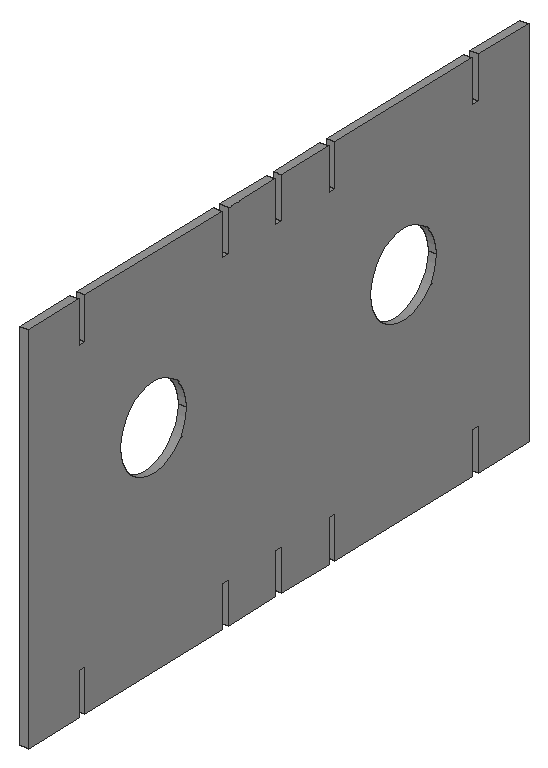
Revit family "NU - Pannello di facciata", category Curtain Panels, Revit 2020
Family settings
  OmniClass Number = 23.25.20.14.11.11.17
  OmniClass Title = Infill Panels
  Always vertical = Yes
  Cut with Voids When Loaded = No
  Shared = No
Parameters (values of type "NU - TIPO DI PANNELLO 3")
  c_spessore = 4 mm
  c_raggio [instance] = 20 mm
  c_profondità = 21.39 mm
  c_larghezza = 300 mm
  c_altezza = 180 mm
  Define Thermal Properties by = Schematic Type
Types (3, lengths in mm): name | c_raggio
  NU - TIPO DI PANNELLO 1 | 45
  NU - TIPO DI PANNELLO 2 | 30
  NU - TIPO DI PANNELLO 3 | 20
Reference planes
  plane 1 "Center (Front/Back)": y = 0
  plane 2: z = 0
  plane 3 "Center (Left/Right)": x = 0
  plane 4 "Left": x = -1500
  plane 5 "Right": x = 1500
  plane 6 "Top": z = 4000
  plane 7: y = 150
  plane 8: y = -150
  plane 9: z = 180
  plane 10: z = 150
  plane 11: z = 60
  plane 12: y = 120
  plane 13: y = -120
  plane 14: y = 30
  plane 15: y = -30
  plane 16: y = 116
  plane 17: y = 34
  plane 18: y = 2.045
  plane 19: y = -1.955
  plane 20: y = -34
  plane 21: y = -116
  plane 22: y = 75
  plane 23: z = 105
  plane 24: y = -75
  plane 25: x = 2.28
  plane 26: x = -1.72
  plane 27: z = 20
Forms (mm)
  Extrusion 1, solid, material "cartone"
    sketch origin (0, 0, 0) x (0, 1, 0) y (0, 0, 1)
      loop
        line (150, 180) -> (-150, 180) -> (-150, 0) -> (150, 0) -> (150, 180)
    from -1.72 to 2.28
  Extrusion 2, void
    sketch origin (0, 0, 0) x (0, 1, 0) y (0, 0, 1)
      loop
        circle (75, 105) r 20
      loop
        circle (-75, 105) r 20
    from -1.72 to 2.28
  Extrusion 3, void
    sketch origin (0, 0, 0) x (0, 1, 0) y (0, 0, 1)
      loop
        line (120, 180) -> (116, 180) -> (116, 160) -> (120, 160) -> (120, 180)
      loop
        line (34, 180) -> (30, 180) -> (30, 160) -> (34, 160) -> (34, 180)
      loop
        line (2.045, 180) -> (-1.955, 180) -> (-1.955, 160) -> (2.045, 160) -> (2.045, 180)
      loop
        line (-30, 180) -> (-34, 180) -> (-34, 160) -> (-30, 160) -> (-30, 180)
      loop
        line (-116, 180) -> (-120, 180) -> (-120, 160) -> (-116, 160) -> (-116, 180)
      loop
        line (120, 20) -> (116, 20) -> (116, 0) -> (120, 0) -> (120, 20)
      loop
        line (34, 20) -> (30, 20) -> (30, 0) -> (34, 0) -> (34, 20)
      loop
        line (2.045, 20) -> (-1.955, 20) -> (-1.955, 0) -> (2.045, 0) -> (2.045, 20)
      loop
        line (-30, 20) -> (-34, 20) -> (-34, 0) -> (-30, 0) -> (-30, 20)
      loop
        line (-116, 20) -> (-120, 20) -> (-120, 0) -> (-116, 0) -> (-116, 20)
    from -1.72 to 2.28
Cuts and joins
  Extrusion 2, Extrusion 3 cuts Extrusion 1
Text (mm)
  text "Exterior" at (-2351.972, 1416.179, 0), in view "Ref. Level"
  text "Exterior" at (0, 2290.741, 4406.713), in view "Left"
  text "Exterior" at (0, 1328.187, 4120.349), in view "Right"
Dimensions and locks
  equal spacing: plane 4 "Left", plane 3 "Center (Left/Right)", plane 5 "Right"
  equal spacing: plane 7, plane 1 "Center (Front/Back)", plane 8
  "c_larghezza": plane 7 to plane 8
  "c_altezza": plane 9 to level
  plane 9 to plane 10 to plane 11 to level = 30 mm, 90 mm, 60 mm
  plane 7 to plane 12 to plane 14 to plane 15 to plane 13 to plane 8 = 30 mm, 90 mm, 60 mm, 90 mm, 30 mm
  "c_spessore": plane 12 to plane 16
  "c_spessore": plane 17 to plane 14
  "c_spessore": plane 18 to plane 19
  "c_spessore": plane 15 to plane 20
  "c_spessore": plane 21 to plane 13
  "c_spessore": plane 26 to plane 25
  plane 27 to level = 20 mm
  "c_raggio": radius of Extrusion 2 sketch curve  (x2)
  aligned and locked: level to plane 2
  aligned and locked: Extrusion 1 to level
  aligned and locked: Extrusion 1 to plane 7
  aligned and locked: plane 9 to Extrusion 1
  aligned and locked: plane 8 to Extrusion 1
  aligned and locked: plane 12 to Extrusion 3 sketch curve
  aligned and locked: Extrusion 3 sketch curve to plane 16
  aligned and locked: Extrusion 3 sketch curve to cut or joined group of Extrusion 1, Extrusion 2, Extrusion 3
  aligned and locked: cut or joined group of Extrusion 1, Extrusion 2, Extrusion 3 to plane 26
  aligned and locked: plane 25 to cut or joined group of Extrusion 1, Extrusion 2, Extrusion 3
Automatic sketch dimensions
  plane 8 to Extrusion 1 sketch curve = 0 mm
  Extrusion 1 sketch curve to plane 8 = 300 mm
  Extrusion 1 sketch curve to plane 9 = 180 mm
  Extrusion 1 sketch curve to Extrusion 1 sketch curve = 180 mm
  Extrusion 3 sketch curve to level = 0 mm  (x5)
  Extrusion 3 sketch curve to plane 13 = 0 mm  (x2)
  Extrusion 3 sketch curve to plane 21 = 0 mm  (x2)
  Extrusion 3 sketch curve to plane 20 = 0 mm  (x2)
  Extrusion 3 sketch curve to plane 9 = 0 mm  (x4)
  Extrusion 3 sketch curve to plane 15 = 0 mm  (x2)
  Extrusion 3 sketch curve to plane 19 = 0 mm  (x2)
  Extrusion 3 sketch curve to plane 18 = 0 mm  (x2)
  Extrusion 3 sketch curve to plane 14 = 0 mm  (x2)
  Extrusion 3 sketch curve to plane 17 = 0 mm  (x2)
  Extrusion 3 sketch curve to plane 16 = 0 mm
  Extrusion 3 sketch curve to plane 12 = 0 mm
  Extrusion 3 sketch curve to plane 11 = 40 mm  (x5)
  plane 10 to Extrusion 3 sketch curve = 10 mm  (x5)
  Extrusion 2 sketch curve to plane 23 = 0 mm  (x2)
  Extrusion 2 sketch curve to plane 24 = 0 mm
  Extrusion 2 sketch curve to plane 22 = 0 mm
